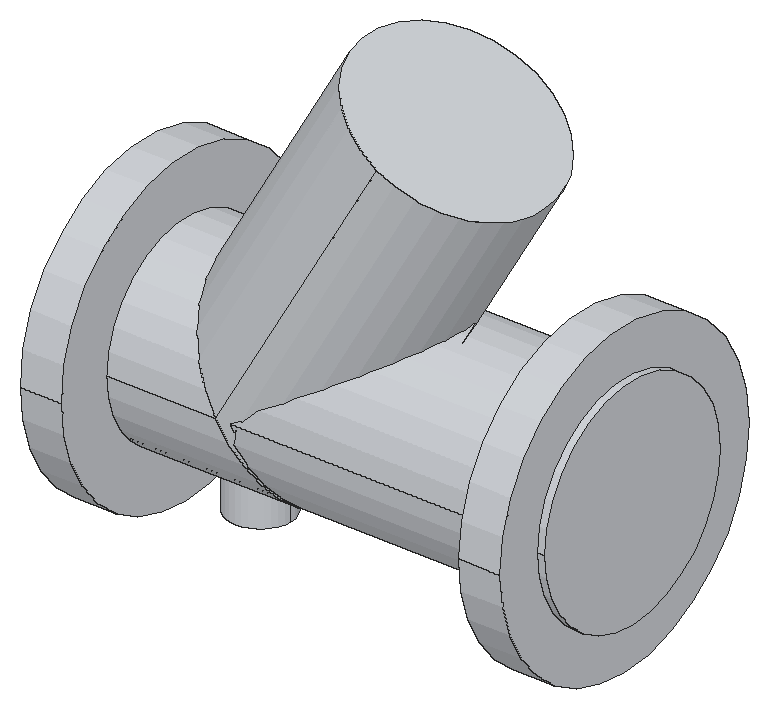
Revit family "HS 821-síto_standard-PN25-DN150-RFA_2019", category Pipe Accessories, Revit 2019
Family settings
  Round Connector Dimension = Use Diameter
  Part Type = Breaks Into
  Work Plane-Based = No
  Always vertical = Yes
  Cut with Voids When Loaded = No
  Shared = No
Parameters (values of type "821D-DN150-PN25-síto_standard")
  magiProductId = "9cf8acfcd15547d68e83172d3abcbe"
  magiProductFamilyId = "79214ac3aaa945e397802f559f5c1e"
  magiPartTypeId = 307
  isMeasuringValve [instance] = no
  ang2D [instance] = 0.00°
  ZB__ve = -ZB  # -47 mm
  ZB1 = 85.455 mm
  ZB = 47 mm
  X2 = 155.885 mm
  X1 = 67.2 mm
  W2D = 15 mm
  VersionID = "2.0/2017.9.26.1/ZETKAMA_821_001"
  Use Minimum Symbol Size [instance] = yes
  URL = "www.hydronic.cz"
  Type Comments = "Filtr přírubový; síto standardní; A-PN16 (-10~300°C); D-PN25 (-10~350°C); F-PN40 (-10~400°C)"
  S = 211 mm
  QmdConnectorList = "301;D;302;D"
  Productdata [instance] = ""
  Manufacturer = "Hydronic Systems Prague s.r.o."
  MC Product Code = "200 292 (821D; DN150; PN25; kvs403; oko síta 1,60mm)"
  LM1 = 38.4 mm
  LM = 384 mm
  L4 = 120 mm
  L2D_Min = 3048 mm
  L2D = 130 mm
  L2 = 240 mm
  HH2 = 270 mm
  FD = 300 mm
  Description = "Filtr přírubový; síto standardní; 821A-PN16; 821D-PN25; 821F-PN40"
  DM1 = 192 mm
  DM = 189.9 mm
  D = 150 mm
  CC = 8.16 mm
  CAT0 = yes
  C1 = 39.84 mm
  C = 48 mm
  BD = 59.818 mm
Types (40, lengths in mm): name | magiProductId | ZB__ve | ZB1 | ZB | X2 | X1 | S | MC Product Code | LM1 | LM | L4 | L2 | HH2 | FD | DM1 | DM | D | CC | C1 | C | BD
  821A-DN015-PN16-síto_standard | "a71bcfe8b393460598b23e8ddf7dc5" | -16.25 | 18.63 | 16.25 | 46.982 | 18.2 | 46 | "200 115 (821A; DN015; PN16; kvs6,3; oko síta 1,00mm)" | 10.4 | 104 | 32.5 | 65 | 81.375 | 95 | 27.6 | 41.4 | 15 | 2.21 | 10.79 | 13 | 13.041
  821A-DN020-PN16-síto_standard | "41cd6c7a12924f4991217528336076" | -17.75 | 22.68 | 17.75 | 51.673 | 21 | 56 | "200 120 (821A; DN020; PN16; kvs11,2; oko síta 1,00mm)" | 12 | 120 | 37.5 | 75 | 89.5 | 105 | 33.6 | 50.4 | 20 | 2.55 | 12.45 | 15 | 15.876
  821A-DN025-PN16-síto_standard | "be378b463ed14c3abf4c9b3ae8cf3a" | -19.25 | 26.325 | 19.25 | 58.601 | 22.4 | 65 | "200 125 (821A; DN025; PN16; kvs14,7; oko síta 1,00mm)" | 12.8 | 128 | 40 | 80 | 101.5 | 115 | 43.2 | 58.5 | 25 | 2.72 | 13.28 | 16 | 18.427
  821A-DN032-PN16-síto_standard | "227a0d18b21540afabe8b6067d35fa" | -23 | 30.78 | 23 | 68.849 | 25.2 | 76 | "200 132 (821A; DN032; PN16; kvs23,7; oko síta 1,00mm)" | 14.4 | 144 | 45 | 90 | 119.25 | 140 | 50.4 | 68.4 | 32 | 3.06 | 14.94 | 18 | 21.546
  821A-DN040-PN16-síto_standard | "d106917c74724141a10440112d0102" | -24.5 | 34.02 | 24.5 | 75.777 | 28 | 84 | "200 140 (821A; DN040; PN16; kvs37,7; oko síta 1,00mm)" | 16 | 160 | 50 | 100 | 131.25 | 150 | 60 | 75.6 | 40 | 3.4 | 16.6 | 20 | 23.814
  821A-DN050-PN16-síto_standard | "8255d456a09e4f6486734f5dd9171b" | -26.75 | 40.095 | 26.75 | 79.061 | 32.2 | 99 | "200 150 (821A; DN050 PN16; kvs57,9; oko síta 1,00mm)" | 18.4 | 184 | 57.5 | 115 | 136.938 | 165 | 73.8 | 89.1 | 50 | 3.91 | 19.09 | 23 | 28.066
  821A-DN065-PN16-síto_standard | "235b1b3e4c0843779a4d5e3716d40a" | -29.75 | 47.79 | 29.75 | 86.927 | 40.6 | 118 | "200 165 (821A; DN065; PN16; kvs101,5; oko síta 1,25mm)" | 23.2 | 232 | 72.5 | 145 | 150.562 | 185 | 94.2 | 106.2 | 65 | 4.93 | 24.07 | 29 | 33.453
  821A-DN080-PN16-síto_standard | "a067f7c5236348ed8c820d16df7214" | -32 | 53.46 | 32 | 104.753 | 43.4 | 132 | "200 180 (821A; DN080; PN16; kvs147,4; oko síta 1,25mm)" | 24.8 | 248 | 77.5 | 155 | 181.438 | 200 | 107.4 | 118.8 | 80 | 5.27 | 25.73 | 31 | 37.422
  821A-DN100-PN16-síto_standard | "c49a648c2747461285837d643703cd" | -35 | 63.18 | 35 | 114.857 | 49 | 156 | "200 190 (821A; DN100; PN16; kvs209,6; oko síta 1,60mm)" | 28 | 280 | 87.5 | 175 | 198.937 | 220 | 131.4 | 140.4 | 100 | 5.95 | 29.05 | 35 | 44.226
  821A-DN125-PN16-síto_standard | "bf68e728a163493cbd2a663b26ebdc" | -39.5 | 74.52 | 39.5 | 131.888 | 56 | 184 | "200 191 (821A; DN125; PN16; kvs326,2; oko síta 1,60mm)" | 32 | 320 | 100 | 200 | 228.438 | 250 | 165 | 165.6 | 125 | 6.8 | 33.2 | 40 | 52.164
  821A-DN150-PN16-síto_standard | "2de770284b654863ae6bc865769dc5" | -44.75 | 85.455 | 44.75 | 155.885 | 67.2 | 211 | "200 192 (821A; DN150; PN16; kvs403; oko síta 1,60mm)" | 38.4 | 384 | 120 | 240 | 270 | 285 | 192 | 189.9 | 150 | 8.16 | 39.84 | 48 | 59.818
  821A-DN200-PN16-síto_standard | "8e5693371ab64aabb29a7f08c76e15" | -53 | 107.73 | 53 | 188.361 | 84 | 266 | "200 193 (821A; DN200; PN16; kvs707; oko síta 1,60mm)" | 48 | 480 | 150 | 300 | 326.25 | 340 | 252 | 239.4 | 200 | 10.2 | 49.8 | 60 | 75.411
  821A-DN250-PN16-síto_standard | "05e37ed948c34047acdd4c42556504" | -62.75 | 129.195 | 62.75 | 255.911 | 102.2 | 319 | "200 194 (821A; DN250; PN16; kvs1234; oko síta 1,60mm)" | 58.4 | 584 | 182.5 | 365 | 443.25 | 405 | 309.6 | 287.1 | 250 | 12.41 | 60.59 | 73 | 90.436
  821A-DN300-PN16-síto_standard | "9ad0af747269428da925480d83ce80" | -71 | 149.85 | 71 | 325.914 | 119 | 370 | "200 195 (821A; DN300; PN16; kvs1916; oko síta 1,60mm)" | 68 | 680 | 212.5 | 425 | 564.5 | 460 | 369.6 | 333 | 300 | 14.45 | 70.55 | 85 | 104.895
  821A-DN350-PN16-síto_standard | "eebc71459bb3451bb4355e7951370a" | -80 | 173.745 | 80 | 356.875 | 137.2 | 429 | "200 196 (821A; DN350; PN16; kvs2621; oko síta 1,60mm)" | 78.4 | 784 | 245 | 490 | 618.125 | 520 | 438 | 386.1 | 350 | 16.66 | 81.34 | 98 | 121.621
  821A-DN400-PN16-síto_standard | "d2f677cb196647e385b2590e7d8abe" | -89 | 194.4 | 89 | 392.237 | 154 | 480 | "200 197 (821A; DN400; PN16; kvs3460; oko síta 1,60mm)" | 88 | 880 | 275 | 550 | 679.375 | 580 | 498 | 432 | 400 | 18.7 | 91.3 | 110 | 136.08
  821D-DN015-PN25-síto_standard | "27ddcbf555414f8ca1fde329bf9087" | -16.25 | 18.63 | 16.25 | 46.982 | 18.2 | 46 | "200 215 (821D; DN015; PN25; kvs6,3; oko síta 1,00mm)" | 10.4 | 104 | 32.5 | 65 | 81.375 | 95 | 27.6 | 41.4 | 15 | 2.21 | 10.79 | 13 | 13.041
  821D-DN020-PN25-síto_standard | "270e0f14012f47189cd0235c18faee" | -17.75 | 22.68 | 17.75 | 51.673 | 21 | 56 | "200 220 (821D; DN020; PN25; kvs11,2; oko síta 1,00mm)" | 12 | 120 | 37.5 | 75 | 89.5 | 105 | 33.6 | 50.4 | 20 | 2.55 | 12.45 | 15 | 15.876
  821D-DN025-PN25-síto_standard | "b9a7fb4aa36643878c637d8e1ab992" | -19.25 | 26.325 | 19.25 | 58.601 | 22.4 | 65 | "200 225 (821D; DN025; PN25; kvs14,7; oko síta 1,00mm)" | 12.8 | 128 | 40 | 80 | 101.5 | 115 | 43.2 | 58.5 | 25 | 2.72 | 13.28 | 16 | 18.427
  821D-DN032-PN25-síto_standard | "6be9a55c4e68400f94eec7e804204c" | -23 | 30.78 | 23 | 68.849 | 25.2 | 76 | "200 232 (821D; DN032; PN25; kvs23,7; oko síta 1,00mm)" | 14.4 | 144 | 45 | 90 | 119.25 | 140 | 50.4 | 68.4 | 32 | 3.06 | 14.94 | 18 | 21.546
  821D-DN040-PN25-síto_standard | "c54511bd7f584ec2984291479612cb" | -24.5 | 34.02 | 24.5 | 75.777 | 28 | 84 | "200 240 (821D; DN040; PN25; kvs37,7; oko síta 1,00mm)" | 16 | 160 | 50 | 100 | 131.25 | 150 | 60 | 75.6 | 40 | 3.4 | 16.6 | 20 | 23.814
  821D-DN050-PN25-síto_standard | "5483b1f596b04cd39b23a14a22c90e" | -26.75 | 40.095 | 26.75 | 79.061 | 32.2 | 99 | "200 250 (821D; DN050; PN25; kvs57,9; oko síta 1,00mm)" | 18.4 | 184 | 57.5 | 115 | 136.938 | 165 | 73.8 | 89.1 | 50 | 3.91 | 19.09 | 23 | 28.066
  821D-DN065-PN25-síto_standard | "767b0f8318e94750bc7a9930ed5b30" | -29.75 | 47.79 | 29.75 | 86.927 | 40.6 | 118 | "200 265 (821D; DN065; PN25; kvs101,5; oko síta 1,25mm)" | 23.2 | 232 | 72.5 | 145 | 150.562 | 185 | 94.2 | 106.2 | 65 | 4.93 | 24.07 | 29 | 33.453
  821D-DN080-PN25-síto_standard | "e21040fa3cc2404b858198f6b73709" | -32 | 53.46 | 32 | 104.753 | 43.4 | 132 | "200 280 (821D; DN080; PN25; kvs147,4; oko síta 1,25mm)" | 24.8 | 248 | 77.5 | 155 | 181.438 | 200 | 107.4 | 118.8 | 80 | 5.27 | 25.73 | 31 | 37.422
  821D-DN100-PN25-síto_standard | "175ca87a506b40b3bc6b82f12f33cf" | -37.25 | 63.18 | 37.25 | 114.857 | 49 | 156 | "200 290 (821D; DN100; PN25; kvs209,6; oko síta 1,60mm)" | 28 | 280 | 87.5 | 175 | 198.937 | 235 | 131.4 | 140.4 | 100 | 5.95 | 29.05 | 35 | 44.226
  821D-DN125-PN25-síto_standard | "77cc98d60da24855999a22dff726b2" | -42.5 | 74.52 | 42.5 | 131.888 | 56 | 184 | "200 291 (821D; DN125; PN25; kvs326,2; oko síta 1,60mm)" | 32 | 320 | 100 | 200 | 228.438 | 270 | 165 | 165.6 | 125 | 6.8 | 33.2 | 40 | 52.164
  821D-DN150-PN25-síto_standard | "9cf8acfcd15547d68e83172d3abcbe" | -47 | 85.455 | 47 | 155.885 | 67.2 | 211 | "200 292 (821D; DN150; PN25; kvs403; oko síta 1,60mm)" | 38.4 | 384 | 120 | 240 | 270 | 300 | 192 | 189.9 | 150 | 8.16 | 39.84 | 48 | 59.818
  821D-DN200-PN25-síto_standard | "16973f3c9ea14389ba8602495a6b64" | -56 | 110.97 | 56 | 188.361 | 84 | 274 | "200 293 (821D; DN200; PN25; kvs707; oko síta 1,60mm)" | 48 | 480 | 150 | 300 | 326.25 | 360 | 252 | 246.6 | 200 | 10.2 | 49.8 | 60 | 77.679
  821F-DN015-PN40-síto_standard | "4c7eaf3c4c0340888b3e684d8a8616" | -16.25 | 18.225 | 16.25 | 46.982 | 18.2 | 45 | "240 615 (821F; DN015; PN40; kvs6,3; oko síta 1,00mm)" | 10.4 | 104 | 32.5 | 65 | 81.375 | 95 | 27.6 | 40.5 | 15 | 2.21 | 10.79 | 13 | 12.757
  821F-DN020-PN40-síto_standard | "aaac5f1ec96b44d6ba96ac2293d66d" | -17.75 | 23.49 | 17.75 | 51.673 | 21 | 58 | "240 620 (821F; DN020; PN40; kvs11,2; oko síta 1,00mm)" | 12 | 120 | 37.5 | 75 | 89.5 | 105 | 33.6 | 52.2 | 20 | 2.55 | 12.45 | 15 | 16.443
  821F-DN025-PN40-síto_standard | "504768023968471481789485b54c7e" | -19.25 | 27.54 | 19.25 | 58.601 | 22.4 | 68 | "240 625 (821F; DN025; PN40; kvs14,7; oko síta 1,00mm)" | 12.8 | 128 | 40 | 80 | 101.5 | 115 | 43.2 | 61.2 | 25 | 2.72 | 13.28 | 16 | 19.278
  821F-DN032-PN40-síto_standard | "165e7f39cf744f329bdf1c400dad12" | -23 | 31.59 | 23 | 68.849 | 25.2 | 78 | "240 632 (821F; DN032; PN40; kvs23,7; oko síta 1,00mm)" | 14.4 | 144 | 45 | 90 | 119.25 | 140 | 50.4 | 70.2 | 32 | 3.06 | 14.94 | 18 | 22.113
  821F-DN040-PN40-síto_standard | "b8903f952089408fbf3a5a632bab1f" | -24.5 | 35.64 | 24.5 | 75.777 | 28 | 88 | "240 640 (821F; DN040; PN40; kvs37,7; oko síta 1,00mm)" | 16 | 160 | 50 | 100 | 131.25 | 150 | 60 | 79.2 | 40 | 3.4 | 16.6 | 20 | 24.948
  821F-DN050-PN40-síto_standard | "c451f97266fe48da8f879cb6a2bd44" | -26.75 | 41.31 | 26.75 | 79.061 | 32.2 | 102 | "240 650 (821F; DN050; PN40; kvs57,9; oko síta 1,00mm)" | 18.4 | 184 | 57.5 | 115 | 136.938 | 165 | 73.8 | 91.8 | 50 | 3.91 | 19.09 | 23 | 28.917
  821F-DN065-PN40-síto_standard | "dc9821e3f9b34e128f6a8c6b34c198" | -29.75 | 49.41 | 29.75 | 86.927 | 40.6 | 122 | "240 665 (821F; DN065; PN40; kvs101,5; oko síta 1,25mm)" | 23.2 | 232 | 72.5 | 145 | 150.562 | 185 | 94.2 | 109.8 | 65 | 4.93 | 24.07 | 29 | 34.587
  821F-DN080-PN40-síto_standard | "689aa1e260f84cf4994f027a1d86b5" | -32 | 55.89 | 32 | 104.753 | 43.4 | 138 | "240 680 (821F; DN080; PN40; kvs147,4; oko síta 1,25mm)" | 24.8 | 248 | 77.5 | 155 | 181.438 | 200 | 107.4 | 124.2 | 80 | 5.27 | 25.73 | 31 | 39.123
  821F-DN100-PN40-síto_standard | "8a45d4e8e2ab425f8c432f21d684f3" | -37.25 | 65.61 | 37.25 | 114.857 | 49 | 162 | "240 690 (821F; DN100; PN40; kvs209,6; oko síta 1,6mm)" | 28 | 280 | 87.5 | 175 | 198.937 | 235 | 131.4 | 145.8 | 100 | 5.95 | 29.05 | 35 | 45.927
  821F-DN125-PN40-síto_standard | "cf073904c006406b8645afa67ea2fc" | -42.5 | 76.14 | 42.5 | 131.888 | 56 | 188 | "240 691 (821F; DN125; PN40; kvs326,2; oko síta 1,6mm)" | 32 | 320 | 100 | 200 | 228.438 | 270 | 165 | 169.2 | 125 | 6.8 | 33.2 | 40 | 53.298
  821F-DN150-PN40-síto_standard | "0153b9ddabe14992a630484929fdbc" | -47 | 88.29 | 47 | 155.885 | 67.2 | 218 | "240 692 (821F; DN150; PN40; kvs403; oko síta 1,6mm)" | 38.4 | 384 | 120 | 240 | 270 | 300 | 192 | 196.2 | 150 | 8.16 | 39.84 | 48 | 61.803
  821F-DN200-PN40-síto_standard | "7fb3fc01dd8d42428c203e3f8dd4d5" | -56 | 115.425 | 56 | 188.361 | 84 | 285 | "240 693 (821F; DN200; PN40; kvs707; oko síta 1,6mm)" | 48 | 480 | 150 | 300 | 326.25 | 360 | 252 | 256.5 | 200 | 10.2 | 49.8 | 60 | 80.797
Reference planes
  plane 1 "Center (Front/Back)": y = 0
  plane 2 "XYPLANE": z = 0
  plane 3 "Center (Left/Right)": x = 0
  plane 4 "109": x = -153.6
  plane 5 "108": x = 192
  plane 6 "107": x = -192
  plane 7 "105": x = 240
  plane 8 "104": x = -240
  plane 9 "103": y = 0
  plane 10 "102": z = 0
  plane 11 "101": x = -231.84
  plane 12 "100": x = 231.84
  plane 13 "11": x = -86.4
  plane 14 "10": z = 270
  plane 15 "9": x = 69.485
  plane 16 "5": z = -85.455
  plane 17 "4": x = -120
  plane 18 "1": x = 120
Forms (mm)
  Extrusion 1, solid, visible <- "CAT0"
    sketch origin (-192, -750, 0) x (0, 1, 0) y (0, 0, 1)
      loop
        circle (750, 0) r 94.95
    from 0 to 384 <- "LM"
  Extrusion 2, solid
    sketch origin (-240, -750, 0) x (0, 1, 0) y (0, 0, 1)
      loop
        circle (750, 0) r 105.5
    from 0 to 8.16 <- "CC"
  Extrusion 3, solid
    sketch origin (-231.84, -750, 0) x (0, 1, 0) y (0, 0, 1)
      loop
        circle (750, 0) r 150
    from 0 to 39.84 <- "C1"
  Extrusion 4, solid
    sketch origin (192, -750, 0) x (0, 1, 0) y (0, 0, 1)
      loop
        circle (750, 0) r 150
    from 0 to 39.84 <- "C1"
  Extrusion 5, solid
    sketch origin (231.84, -750, 0) x (0, 1, 0) y (0, 0, 1)
      loop
        circle (750, 0) r 105.5
    from 0 to 8.16 <- "CC"
  Sweep 6, solid, visible <- "CAT0"
    path origin (750, 0, 0) x (-1, 0, 0) y (0, 0, 1)
      loop
        line (942, 0) -> (836.4, 0) -> (680.515, 270)
    profile origin (-192, 0, 0) x (0, 0, -1) y (0, 1, 0)
      loop
        circle (0, 0) r 96
  Extrusion 7, solid, visible <- "CAT0"
    sketch origin (-750, 0, -85.455) x (1, 0, 0) y (0, 1, 0)
      loop
        circle (630, 0) r 29.909
    from 0 to -47 <- "ZB__ve"
  Extrusion 8, solid, visible <- "CAT0"
    sketch origin (-750, 0, -85.455) x (1, 0, 0) y (0, 1, 0)
      loop
        circle (870, 0) r 29.909
    from 0 to -47 <- "ZB__ve"
  Extrusion 9, solid, not visible
    sketch origin (240, -750, 0) x (0, 1, 0) y (0, 0, 1)
      loop
        circle (750, 0) r 10
    from 0 to -10
  Extrusion 10, solid, not visible
    sketch origin (-240, -750, 0) x (0, 1, 0) y (0, 0, 1)
      loop
        circle (750, 0) r 10
    from 0 to 10
Lines and regions (mm)
  reference lines, not visible
    curve 1: circle (2, 2, 0) r 1 normal (0, 0, 1)
Dimensions and locks
  plane 1 "Center (Front/Back)" to curve 1 = 2 mm
  "LM1": plane 6 "107" to plane 4 "109"
  "LM": plane 6 "107" to plane 5 "108"
  "C": plane 8 "104" to plane 6 "107"
  "L2": plane 3 "Center (Left/Right)" to plane 7 "105"
  "L2": plane 3 "Center (Left/Right)" to plane 8 "104"
  locked: plane 1 "Center (Front/Back)" to plane 9 "103"
  locked: plane 2 "XYPLANE" to plane 10 "102"
  "CC": plane 8 "104" to plane 11 "101"
  "C1": plane 5 "108" to plane 12 "100"
  "X1": plane 4 "109" to plane 13 "11"
  "HH2": plane 2 "XYPLANE" to plane 14 "10"
  "X2": plane 13 "11" to plane 15 "9"
  "ZB1": plane 2 "XYPLANE" to plane 16 "5"
  "L4": plane 8 "104" to plane 17 "4"
  "L2": plane 17 "4" to plane 18 "1"
  Sweep 6 sketch curve to Sweep 6 sketch curve = 0 mm  (x2)
  "DM": diameter of Extrusion 1 sketch curve
  "S": diameter of Extrusion 2 sketch curve
  "FD": diameter of Extrusion 3 sketch curve
  "FD": diameter of Extrusion 4 sketch curve
  "S": diameter of Extrusion 5 sketch curve
  "DM1": diameter of Sweep 6 sketch curve
  "BD": diameter of Extrusion 7 sketch curve
  "BD": diameter of Extrusion 8 sketch curve
  aligned and locked: level to plane 2 "XYPLANE"
  aligned and locked: Extrusion 1 sketch curve to plane 9 "103"
  aligned and locked: plane 10 "102" to Extrusion 1 sketch curve
  aligned and locked: Extrusion 2 sketch curve to plane 9 "103"
  aligned and locked: plane 10 "102" to Extrusion 2 sketch curve
  aligned and locked: Extrusion 3 sketch curve to plane 9 "103"
  aligned and locked: plane 10 "102" to Extrusion 3 sketch curve
  aligned and locked: Extrusion 4 sketch curve to plane 9 "103"
  aligned and locked: plane 10 "102" to Extrusion 4 sketch curve
  aligned and locked: Extrusion 5 sketch curve to plane 9 "103"
  aligned and locked: plane 10 "102" to Extrusion 5 sketch curve
  aligned and locked: Sweep 6 sketch curve to plane 9 "103"
  aligned and locked: plane 10 "102" to Sweep 6 sketch curve  (x3)
  aligned and locked: plane 6 "107" to Sweep 6 sketch curve
  aligned and locked: plane 13 "11" to Sweep 6 sketch curve
  aligned and locked: plane 14 "10" to Sweep 6 sketch curve
  aligned and locked: plane 15 "9" to Sweep 6 sketch curve
  aligned and locked: plane 9 "103" to Extrusion 7 sketch curve
  aligned and locked: plane 17 "4" to Extrusion 7 sketch curve
  aligned and locked: plane 9 "103" to Extrusion 8 sketch curve
  aligned and locked: plane 18 "1" to Extrusion 8 sketch curve
  aligned and locked: Extrusion 9 sketch curve to plane 9 "103"
  aligned and locked: plane 10 "102" to Extrusion 9 sketch curve
  aligned and locked: Extrusion 10 sketch curve to plane 9 "103"
  aligned and locked: plane 10 "102" to Extrusion 10 sketch curve
Automatic sketch dimensions
  plane 1 "Center (Front/Back)" to Extrusion 9 sketch curve = 10 mm
  plane 1 "Center (Front/Back)" to Extrusion 10 sketch curve = 10 mm
  plane 3 "Center (Left/Right)" to curve 1 = 2 mm
  radius of curve 1 = 1 mm
Connectors
  piping at (-240, 0, 0), diameter 150, driven by "D"
    settings: on Extrusion 10, index 1, connector inside diameter 609.6 mm, connector length 0 mm, flow factor 0, pipe flow 0.0 L/s, pressure drop 0.0 Pa, fitting loss kfactor 0, connector angle 0.00°, fixture units 0, engagement length 0 mm, angle of deflection 0.00°, flow configuration 0, flow direction 0, fitting loss method 0, system type 29, joint type 0, gender type 0, connector reference index 2, connector utility 0, adjustable connector no, is connector primary yes, connector description ""
  piping at (240, 0, 0), diameter 150, driven by "D"
    settings: on Extrusion 9, index 2, connector inside diameter 609.6 mm, connector length 0 mm, flow factor 0, pipe flow 0.0 L/s, pressure drop 0.0 Pa, fitting loss kfactor 0, connector angle 0.00°, fixture units 0, engagement length 0 mm, angle of deflection 0.00°, flow configuration 0, flow direction 0, fitting loss method 0, system type 29, joint type 0, gender type 0, connector reference index 1, connector utility 0, adjustable connector no, is connector primary no, connector description ""
